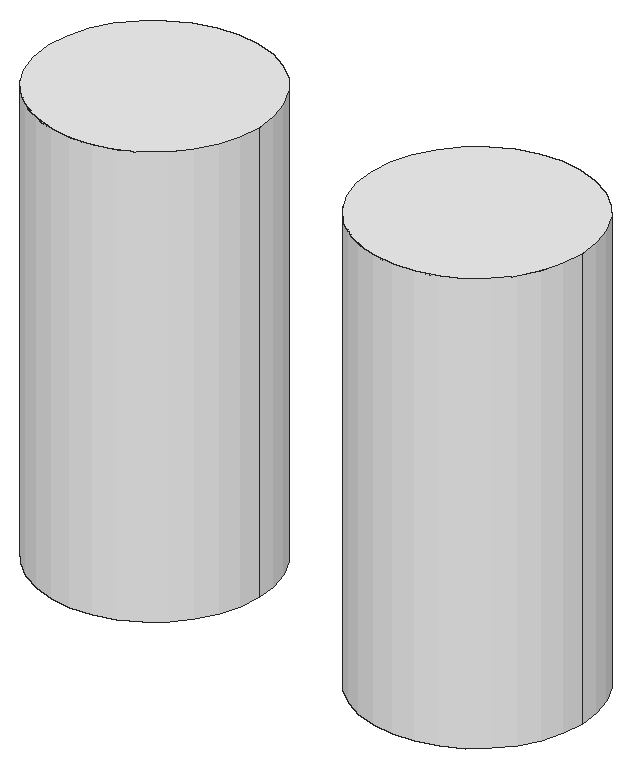
Revit family "565322030037(2020)", category Plumbing Fixtures, Revit 2020
Family settings
  Round Connector Dimension = Use Diameter
  Part Type = Normal
  OmniClass Number = 23.45.55.00
  OmniClass Title = Sanitary Faucets, Wastes
  Work Plane-Based = No
  Always vertical = Yes
  Cut with Voids When Loaded = No
  Shared = No
  Room Calculation Point = No
Parameters (values of type "565322030037 Kitchen faucet")
  Working Pressure = "50 - 1000 kPa"
  WarrantyStartDate [instance] = "n/a"
  WarrantyGuarantorParts = "n/a"
  WarrantyGuarantorLabor = "n/a"
  WarrantyDurationUnit = "Year"
  WarrantyDurationParts = "n/a"
  WarrantyDurationLabor = "n/a"
  WarrantyDescription = "http://warranty.hansa.com"
  Warranty Information URL = "http://warranty.hansa.com"
  VersionDate = "01/06/2023"
  Version = "1"
  ValvePattern = "n/a"
  ValveOperation = "n/a"
  ValveMechanism = "n/a"
  Uniclass2015Reference = "Pr_40_20_87_96"
  Uniclass2015Description = "Washbasin manual water supply sets"
  Uniclass2 = "Pr_40_30_96_96"
  URL REACH = "http://static.hansa.com/doc/reach"
  URL Materials Declaration = "http://www.hansa.com/fileadmin/resources/181997_565322030037_materialsdeclaration.pdf"
  URL Global Mark = "http://static.hansa.com/Globalmark/565322030037"
  URL Environmental Product Declaration EPD = "http://www.hansa.com/fileadmin/resources/184519_EPD_Kitchen faucet.pdf"
  URL EcoLabel Declaration = "http://static.hansa.com/doc/EcoLabel"
  URL EU Packaging Declaration = "http://static.hansa.com/doc/packaging"
  URL Declaration of SCIP = "http://static.hansa.com/doc/SCIP"
  URL Declaration of Conformity = "http://static.hansa.com/DoC/565322030037"
  URL Declaration of Asbestos = "http://static.hansa.com/doc/asbestos"
  URL Declaration Of Performance (DOP) = "http://static.hansa.com/doc/DoP"
  URL = ""
  UNSPSC Class Number = "30181700 Faucets or taps"
  TestPressure = "n/a"
  Temperature Adjustments = "Limitation option for maximum temperature and flow-rate ;Adjustable hot water stop (included, retrofittable)"
  Technical DataSheet URL = "http://www.hansa.com/datasheet/565322030037/en"
  TagNumber [instance] = "n/a"
  SustainabilityPerformance = "n/a"
  Surface treatment = "Chrome"
  Spout Type = "Swivel spout;Swivel range limiting option"
  Spout Swivel Range = "120°"
  Spout Projection = "215 mm"
  Spare-Part Information URL = "http://static.hansa.com/sp/565322030037"
  Size = "50x255x170 mm"
  Shape = "Sculptured"
  SerialNumber [instance] = "n/a"
  Sales Package dimensions (LxWxH) = "362 x 278 x 63"
  Revision = "n/a"
  ReplacementCost = "n/a"
  ProductInformation = "n/a"
  Product URL = "http://static.hansa.com/565322030037"
  Product Image URL = "http://static.hansa.com/image/565322030037"
  Product Family = "HANSAPALENO "
  Product Code = "565322030037"
  OperatingMechanismMaterial = "n/a"
  NominalWidth = 51 mm
  NominalHeight = 169 mm
  NominalDepth = 255 mm
  Noise Class = "I(ISO3822)"
  Name_en = "565322030037 Kitchen faucet"
  Name = "565322030037 Kitchen faucet"
  NBSReference = "45-35-70/371"
  NBSDescription = "Water supply fittings for wash basins and troughs"
  Mounting Holes = "1 hole"
  ModelReference = "565322030037"
  ModelNumber = "n/a"
  Model = "565322030037 Kitchen faucet"
  Mobile Product Information URL = "http://mpi.hansa.com/565322030037"
  Mechanical Parts = "ø 35 mm ceramic cartridge for flow and temperature control"
  Max. Hot Water Supply = 70 °C
  Material = "Brass"
  Market = "International;Australia"
  ManufacturerURL = "http://www.hansa.com"
  ManufacturerName = "HANSA"
  Manufacturer = "HANSA"
  Lever Handle = "Hot/Cold symbols;Single operating lever/handle"
  Interactive AR View URL = "https://static.hansa.com/AR/565322030037"
  InstallationDate [instance] = "n/a"
  Installation and Maintenance Guide URL = "http://static.hansa.com/manual/565322030037"
  Installation Type = "Deck mounted"
  InletConnectionSize = 15 mm
  IfcExportType = "FAUCET"  # constant formula
  IfcExportAs = "IfcValveType"  # constant formula
  Group = "Kitchen faucet"
  Grade = "n/a"
  FlowCoefficient = 0
  Flow Rate At 300kPa With Flow Controller = 0.12 L/s
  Flow Drawing URL = "http://static.hansa.com/flowchart/565322030037"
  Finish = "Polished"
  Features = "Single-lever"
  FaucetMainMaterial = Brass
  FDV Document URL = "http://www.hansa.com/datasheet/565322030037/en/fdv"
  ExpectedLife = "n/a"
  ETIM Class Number = "EC011431 Kitchen mixing tap"
  EN Standard = "EN 817"
  EAN Number = "4057304012310"
  DurationUnit = "Year"
  Dimension Drawing URL = "http://static.hansa.com/dimdrw/565322030037"
  Description = ""
  DefaultElevation [instance] = 900 mm
  Default Elevation = 0 mm
  Constituents = "n/a"
  Connection Size = "G1/2"
  Connection = "Flexible inlet pipes"
  Color = "Chrome"
  CodePerformance = "n/a"
  CloseOffRating = 0
  Certificate Global Mark = "GM-WM-040199-I02-R00"
  Category = "Kitchen"
  Catalog Drawing URL = "http://static.hansa.com/catdrw/565322030037"
  CO2 Emissions (D) = -5.98
  CO2 Emissions (C4) = 0.32
  CO2 Emissions (C3) = 0.02
  CO2 Emissions (C2) = 0.02
  CO2 Emissions (B7) = 2836.8
  CO2 Emissions (A4) = 0.21
  CO2 Emissions (A1-A3) = 10.57
  Brand = "HANSA"
  BodyMaterial = "Brass"
  Barcode [instance] = "n/a"
  Backflow Prevention EN1717 = "AA"
  BIMObjectName = "565322030037(2020)"
  Author = "BIMStone"
  AssetType = "Fixed"
  AssetIdentifier [instance] = "n/a"
  Aerator = "PCA® - constant flow rate regardless of pressure variations"
  Advanced Features = "3S-installation system for safe and simple mounting"
  AccessibilityPerformance = "n/a"
  3D View = "https://static.hansa.com/AR/565322030037"
  2D/3D/BIM Files URL = "http://static.hansa.com/bim/565322030037"
Reference planes
  plane 1 "Center (Front/Back)": y = 0
  plane 2: z = 0
  plane 3 "Center (Left/Right)": x = 0
  plane 4: x = -25.5
  plane 5: z = 1069
  plane 6: z = 900
  plane 7: z = 870
  plane 8: y = -255
  plane 9: x = 25.5
Forms (mm)
  Extrusion 1, solid, material "Brass" <- "FaucetMainMaterial"
    sketch origin (0, -3, 0) x (1, 0, 0) y (0, 1, 0)
      loop
        circle (-11.5, -22.5) r 7.5
      loop
        circle (11.5, -22.5) r 7.5
    from 870 to 900
Dimensions and locks
  "NominalHeight": plane 5 to plane 6
  "DefaultElevation": plane 6 to level
  locked: plane 6 to plane 7 at 30
  "NominalDepth": plane 8 to plane 1 "Center (Front/Back)"
  equal spacing: plane 4, plane 3 "Center (Left/Right)", plane 9
  "NominalWidth": plane 4 to plane 9
  "InletConnectionSize": diameter of Extrusion 1 sketch curve  (x2)
  aligned and locked: level to plane 2
  aligned and locked: plane 6 to Extrusion 1
  aligned and locked: Extrusion 1 to plane 7
  aligned and locked: nested 2 to plane 6
  aligned and locked: plane 1 "Center (Front/Back)" to nested 2
  aligned and locked: plane 5 to nested 2
Automatic sketch dimensions
  Extrusion 1 sketch curve to plane 3 "Center (Left/Right)" = 11.5 mm
  plane 3 "Center (Left/Right)" to Extrusion 1 sketch curve = 11.5 mm
  plane 1 "Center (Front/Back)" to Extrusion 1 sketch curve = 25.5 mm  (x2)
Nested families
  nested 1: "Symbol" at (0, 0, 0), type "Symbol", detail levels coarse
  nested 2: "565322030037_p" at (0, 0, 900), Material <- "FaucetMainMaterial", type "565322030037_p"
    with Material Brass
Connectors
  piping at (-11.5, -25.5, 870), diameter 15, driven by "InletConnectionSize"
    settings: on Extrusion 1, index 1, connector inside diameter 609.6 mm, connector length 0 mm, flow factor 0, pipe flow 0.1 L/s, pressure drop 0.0 Pa, fitting loss kfactor 0, connector angle 0.00°, fixture units 0, engagement length 0 mm, angle of deflection 0.00°, flow configuration 1, flow direction 1, fitting loss method 0, system type 19, joint type 0, gender type 0, connector reference index -1, connector utility 0, adjustable connector no, is connector primary yes, connector description ""
  piping at (11.5, -25.5, 870), diameter 15, driven by "InletConnectionSize"
    settings: on Extrusion 1, index 2, connector inside diameter 609.6 mm, connector length 0 mm, flow factor 0, pipe flow 0.1 L/s, pressure drop 0.0 Pa, fitting loss kfactor 0, connector angle 0.00°, fixture units 0, engagement length 0 mm, angle of deflection 0.00°, flow configuration 1, flow direction 1, fitting loss method 0, system type 20, joint type 0, gender type 0, connector reference index -1, connector utility 0, adjustable connector no, is connector primary no, connector description ""
Definition of nested family "Symbol"
  Reference planes
    plane 1: y = 0
    plane 2: x = 0
  Lines and regions (mm)
    detail lines
      curve 1: line (0, 0, 0) -> (0, -1.8, 0)
      curve 2: line (-0.4, -1.1, 0) -> (0.4, -1.1, 0)
      curve 3: line (-0.4, -1.4, 0) -> (0.4, -1.4, 0)
      curve 4: line (0.863, 0, 0) -> (-0.863, 0, 0)
      curve 5: circle (-1.163, 0, 0) r 0.3 normal (0, 0, -1)
      curve 6: circle (1.163, 0, 0) r 0.3 normal (0, 0, 1)
Definition of nested family "565322030037_p"
  Parameters (values of type "565322030037_p")
    Material [instance] = none
    Default Elevation = 0 mm
  Reference planes
    plane 1 "Center (Front/Back)": y = 0
    plane 2: z = 0
    plane 3 "Center (Left/Right)": x = 0
  Forms (mm)
    Extrusion 1, solid, material <- "Material", detail levels coarse
      sketch origin (0, 0, -900) x (1, 0, 0) y (0, 1, 0)
        loop
          line (25.5, 0) -> (-25.5, 0) -> (-25.5, -255) -> (25.5, -255) -> (25.5, 0)
      from 900 to 1069
    Revolve 2, solid, material <- "Material", detail levels medium
      sketch origin (0, 0, 0) x (0, 1, 0) y (0, 0, 1)
        loop
          line (-25.5, 0) -> (0, 0) -> (0, 47.5) -> (-0.993, 123.96) -> (-2.721, 123.96)
          arc (-2.721, 123.96) -> (-3.769, 130.056) -> (-6.504, 135.604) r 21.584
          line (-6.504, 135.604) -> (-1.647, 137.869) -> (-4.456, 178.05) -> (-25.5, 178.05) -> (-25.5, 0)
        axis (-25.5, 0) -> (-25.5, 178.05)
      angle from 0 to 360
    Extrusion 3, void
      sketch origin (0, 0, 0) x (0, 1, 0) y (0, 0, 1)
        loop
          line (0, 181.8) -> (-238.453, 181.8) -> (0, 158.561) -> (0, 181.8)
      from 50 to -50
    Extrusion 4, solid, material <- "Material", detail levels medium
      sketch origin (0, 0, 0) x (0, 1, 0) y (0, 0, 1)
        loop
          line (-24.353, 160.934) -> (-66.863, 165.077)
          arc (-66.863, 165.077) -> (-89.016, 167.114) -> (-111.19, 168.909) r 2034.905
          arc (-111.19, 168.909) -> (-112.016, 168.7) -> (-112.549, 168.037) r 1.341
          arc (-112.549, 168.037) -> (-113.714, 162.728) -> (-113.384, 157.304) r 19.706
          arc (-113.384, 157.304) -> (-112.981, 156.601) -> (-112.238, 156.282) r 1.279
          line (-112.238, 156.282) -> (-24.353, 148.893) -> (-24.353, 160.934)
      from -6.884 to 7
    Extrusion 5, solid, material <- "Material", detail levels medium
      sketch origin (0, 0, 0) x (0, 1, 0) y (0, 0, 1)
        loop
          line (-33.571, 84.532) -> (-135.431, 132.03)
          arc (-135.431, 132.03) -> (-162.315, 142.283) -> (-190.393, 148.572) r 200
          line (-190.393, 148.572) -> (-248.818, 157.304)
          arc (-248.818, 157.304) -> (-251.086, 156.882) -> (-252.314, 154.93) r 2.875
          line (-252.314, 154.93) -> (-255, 137.009) -> (-252.234, 136.594) -> (-228.497, 133.037) -> (-225.321, 132.561) -> (-225.171, 133.561) -> (-193.277, 128.781)
          arc (-193.277, 128.781) -> (-168.045, 123.121) -> (-143.883, 113.904) r 180
          line (-143.883, 113.904) -> (-33.929, 62.631) -> (-33.571, 84.532)
      from 15 to -15
    Revolve 6, solid, material <- "Material", detail levels medium
      sketch origin (0, 0, 0) x (0, 1, 0) y (0, 0, 1)
        loop
          line (-241.031, 130.375) -> (-229.163, 128.596) -> (-227.868, 137.236) -> (-239.736, 139.015) -> (-241.031, 130.375)
        axis (-239.736, 139.015) -> (-241.031, 130.375)
      angle from 0 to 360
  Cuts and joins
    Extrusion 3 cuts Revolve 2
    joined: Revolve 2, Extrusion 4, Extrusion 5, Revolve 6
  Lines and regions (mm)
    symbolic lines, detail levels medium+fine
      curve 1: line (0, 0, 0) -> (0, -51, 0)
      curve 2: line (0, -51, 0) -> (0, -51, 47.5)
      curve 3: line (0, -50.702, 70.453) -> (0, -143.883, 113.904)
      curve 4: arc (0, -143.883, 113.904) -> (0, -168.045, 123.121) -> (0, -193.277, 128.781) r 180
      curve 5: line (0, -193.277, 128.781) -> (0, -225.171, 133.561)
      curve 6: line (0, -229.163, 128.596) -> (0, -228.497, 133.037)
      curve 7: line (0, -252.234, 136.594) -> (0, -252.899, 132.154)
      curve 8: line (0, -252.899, 132.154) -> (0, -229.163, 128.596)
      curve 10: line (0, -225.321, 132.561) -> (0, -225.171, 133.561)
      curve 11: line (0, -252.234, 136.594) -> (0, -255, 137.009)
      curve 12: line (0, -255, 137.009) -> (0, -252.314, 154.93)
      curve 13: arc (0, -252.314, 154.93) -> (0, -251.086, 156.882) -> (0, -248.818, 157.304) r 2.875
      curve 14: line (0, -248.818, 157.304) -> (0, -190.393, 148.572)
      curve 15: arc (0, -190.393, 148.572) -> (0, -162.315, 142.283) -> (0, -135.431, 132.03) r 200
      curve 16: line (0, -135.431, 132.03) -> (0, -54.465, 94.275)
      curve 17: arc (0, -54.465, 94.275) -> (0, -52.475, 93.474) -> (0, -50.41, 92.892) r 19.937
      curve 18: line (0, -50.007, 123.96) -> (0, -50.41, 92.892)
      curve 19: line (0, -50.702, 70.453) -> (0, -51, 47.5)
      curve 20: line (0, 0, 0) -> (0, 0, 47.5)
      curve 21: line (0, -0.993, 123.96) -> (0, 0, 47.5)
      curve 23: line (0, -228.497, 133.037) -> (0, -225.321, 132.561)
      curve 24: line (0, -0.993, 123.96) -> (0, -2.721, 123.96)
      curve 25: line (0, -49.846, 126.8) -> (0, -48.006, 126.8)
      curve 27: line (0, -48.304, 123.96) -> (0, -48.006, 126.8)
      curve 28: arc (0, -6.504, 135.604) -> (0, -3.769, 130.056) -> (0, -2.721, 123.96) r 21.584
      curve 29: line (0, -6.504, 135.604) -> (0, -1.968, 137.719)
      curve 31: line (0, -48.304, 123.96) -> (0, -50.007, 123.96)
      curve 33: line (25.5, 0, 0) -> (-25.5, 0, 0)
      curve 34: line (-25.5, 0, 0) -> (-25.5, 0, 47.56)
      curve 35: line (-25.5, 0, 47.56) -> (-24.495, 0, 123.96)
      curve 36: line (-24.362, 0, 126.797) -> (-22.506, 0, 126.797)
      curve 37: line (-24.495, 0, 123.96) -> (-22.754, 0, 123.96)
      curve 38: line (-24.362, 0, 126.797) -> (-24.362, 0, 159.425)
      curve 39: line (-22.506, 0, 126.797) -> (-22.754, 0, 123.96)
      curve 43: line (25.5, 0, 47.56) -> (24.495, 0, 123.96)
      curve 44: line (24.362, 0, 126.797) -> (22.506, 0, 126.797)
      curve 45: line (24.495, 0, 123.96) -> (22.754, 0, 123.96)
      curve 46: line (22.506, 0, 126.797) -> (22.754, 0, 123.96)
      curve 59: line (-15, -239.534, 0) -> (-15, -59.645, 0)
      curve 60: line (15, -239.534, 0) -> (15, -59.645, 0)
      curve 61: spline (-15, -239.534, 0) -> (-14.489, -243.537, 0) -> (-12.99, -247.267, 0) -> (-10.607, -250.47, 0) -> (-7.5, -252.928, 0) -> (-3.882, -254.473, 0) -> (0, -255, 0) -> (3.882, -254.473, 0) -> (7.5, -252.928, 0) -> (10.607, -250.47, 0) -> (12.99, -247.267, 0) -> (14.489, -243.537, 0) -> (15, -239.534, 0)
      curve 63: line (-15, -59.645, 0) -> (-15.824, -46.935, 0)
      curve 64: line (15, -59.645, 0) -> (15.824, -46.935, 0)
      curve 66: arc (20.377, -40.847, 0) -> (-0.397, -0.021, 0) -> (-19.855, -41.49, 0) r 25.494
      curve 72: line (25.5, 0, 0) -> (25.5, 0, 47.56)
      curve 73: arc (0, -1.968, 137.719) -> (0, -2.673, 147.695) -> (0, -3.725, 157.641) r 286.926
      curve 74: arc (0, -3.725, 157.641) -> (0, -4.361, 158.844) -> (0, -5.635, 159.321) r 1.914
      curve 75: arc (0, -5.635, 159.321) -> (0, -7.676, 159.362) -> (0, -9.712, 159.508) r 39.722
      curve 76: line (0, -9.712, 159.508) -> (0, -66.863, 165.077)
      curve 77: arc (0, -66.863, 165.077) -> (0, -89.016, 167.114) -> (0, -111.19, 168.909) r 2034.905
      curve 78: arc (0, -111.19, 168.909) -> (0, -112.016, 168.7) -> (0, -112.549, 168.037) r 1.341
      curve 79: arc (0, -112.549, 168.037) -> (0, -113.714, 162.728) -> (0, -113.384, 157.304) r 19.706
      curve 80: arc (0, -113.384, 157.304) -> (0, -112.981, 156.601) -> (0, -112.238, 156.282) r 1.279
      curve 81: line (0, -58.165, 151.736) -> (0, -112.238, 156.282)
      curve 82: arc (0, -58.165, 151.736) -> (0, -53.266, 149.408) -> (0, -51.115, 144.429) r 7.704
      curve 83: line (0, -51.115, 144.429) -> (0, -49.846, 126.8)
      curve 84: arc (-19.855, -41.49, 0) -> (-17.785, -44.172, 0) -> (-15.824, -46.935, 0) r 84.427
      curve 85: arc (20.377, -40.847, 0) -> (18.032, -43.84, 0) -> (15.824, -46.935, 0) r 84.427
      curve 96: arc (-24.362, 0, 159.425) -> (-23.949, 0, 160.642) -> (-22.882, 0, 161.356) r 1.999
      curve 97: arc (-22.882, 0, 161.356) -> (-15.145, 0, 163.149) -> (-7.302, 0, 164.402) r 114.564
      curve 98: arc (-6.706, 0, 167.144) -> (-7.042, 0, 165.781) -> (-7.302, 0, 164.402) r 25.706
      curve 99: arc (-6.706, 0, 167.144) -> (-6.123, 0, 168.093) -> (-5.123, 0, 168.583) r 2
      curve 104: line (24.362, 0, 126.797) -> (24.362, 0, 159.425)
      curve 105: arc (22.882, 0, 161.356) -> (15.145, 0, 163.149) -> (7.302, 0, 164.402) r 114.564
      curve 106: arc (6.706, 0, 167.144) -> (7.042, 0, 165.781) -> (7.302, 0, 164.402) r 25.706
      curve 107: arc (6.706, 0, 167.144) -> (6.123, 0, 168.093) -> (5.123, 0, 168.583) r 2
      curve 112: arc (-5.123, 0, 168.583) -> (0, 0, 169.029) -> (5.123, 0, 168.583) r 29.678
      curve 115: arc (24.362, 0, 159.425) -> (23.949, 0, 160.642) -> (22.882, 0, 161.356) r 1.999
    symbolic lines, detail levels fine
      curve 9: line (0, -252.234, 136.594) -> (0, -228.497, 133.037)
      curve 22: line (0, 0, 47.5) -> (0, -51, 47.5)
      curve 26: line (0, -25.383, 126.8) -> (0, -6.504, 135.604)
      curve 30: line (0, -48.006, 126.8) -> (0, -25.383, 126.8)
      curve 32: line (0, -2.721, 123.96) -> (0, -48.304, 123.96)
      curve 40: line (-15, 0, 70.474) -> (-15, 0, 154.085)
      curve 41: line (-22.506, 0, 126.797) -> (-15, 0, 126.797)
      curve 42: line (-22.754, 0, 123.96) -> (-15, 0, 123.96)
      curve 47: line (22.506, 0, 126.797) -> (15, 0, 126.797)
      curve 48: line (22.754, 0, 123.96) -> (15, 0, 123.96)
      curve 49: line (-25.5, 0, 47.56) -> (25.5, 0, 47.56)
      curve 50: spline (-15, 0, 154.085) -> (-14.489, 0, 154.949) -> (-12.99, 0, 155.755) -> (-10.607, 0, 156.447) -> (-7.5, 0, 156.978) -> (-3.882, 0, 157.312) -> (0, 0, 157.426) -> (3.882, 0, 157.312) -> (7.5, 0, 156.978) -> (10.607, 0, 156.447) -> (12.99, 0, 155.755) -> (14.489, 0, 154.949) -> (15, 0, 154.085)
      curve 51: arc (-13.012, 0, 68.978) -> (-14.379, 0, 69.231) -> (-15, 0, 70.474) r 1.557
      curve 52: arc (13.012, 0, 68.978) -> (14.379, 0, 69.231) -> (15, 0, 70.474) r 1.557
      curve 53: arc (-13.012, 0, 68.978) -> (0, 0, 70.816) -> (13.012, 0, 68.978) r 47.003
      curve 54: spline (11.961, 0, 130.3) -> (11.554, 0, 129.845) -> (10.359, 0, 129.421) -> (8.458, 0, 129.058) -> (5.981, 0, 128.778) -> (3.096, 0, 128.603) -> (0, 0, 128.543) -> (-3.096, 0, 128.603) -> (-5.981, 0, 128.778) -> (-8.458, 0, 129.058) -> (-10.359, 0, 129.421) -> (-11.554, 0, 129.845) -> (-11.961, 0, 130.3) -> (-11.554, 0, 130.754) -> (-10.359, 0, 131.178) -> (-8.458, 0, 131.542) -> (-5.981, 0, 131.821) -> (-3.096, 0, 131.997) -> (0, 0, 132.056) -> (3.096, 0, 131.997) -> (5.981, 0, 131.821) -> (8.458, 0, 131.542) -> (10.359, 0, 131.178) -> (11.554, 0, 130.754) -> (11.961, 0, 130.3)
      curve 55: spline (-11.961, 0, 134.779) -> (-11.554, 0, 135.234) -> (-10.359, 0, 135.658) -> (-8.458, 0, 136.021) -> (-5.981, 0, 136.301) -> (-3.096, 0, 136.476) -> (0, 0, 136.536) -> (3.096, 0, 136.476) -> (5.981, 0, 136.301) -> (8.458, 0, 136.021) -> (10.359, 0, 135.658) -> (11.554, 0, 135.234) -> (11.961, 0, 134.779)
      curve 56: line (-11.961, 0, 130.3) -> (-11.961, 0, 134.779)
      curve 57: line (11.961, 0, 134.779) -> (11.961, 0, 130.3)
      curve 58: spline (11.961, 0, 133.769) -> (14.424, 0, 134.526) -> (14.937, 0, 135.369) -> (13.431, 0, 136.183) -> (10.109, 0, 136.859) -> (5.421, 0, 137.304) -> (0, 0, 137.46) -> (-5.421, 0, 137.304) -> (-10.109, 0, 136.859) -> (-13.431, 0, 136.183) -> (-14.937, 0, 135.369) -> (-14.424, 0, 134.526) -> (-11.961, 0, 133.769)
      curve 62: spline (-15, -239.534, 0) -> (-14.489, -242.782, 0) -> (-12.99, -245.808, 0) -> (-10.607, -248.407, 0) -> (-7.5, -250.401, 0) -> (-3.882, -251.655, 0) -> (0, -252.082, 0) -> (3.882, -251.655, 0) -> (7.5, -250.401, 0) -> (10.607, -248.407, 0) -> (12.99, -245.808, 0) -> (14.489, -242.782, 0) -> (15, -239.534, 0)
      curve 65: line (15, 0, 70.474) -> (15, 0, 154.085)
      curve 67: line (0, -50.41, 92.892) -> (0, -47.092, 92.003)
      curve 68: line (0, -45.434, 90.064) -> (0, -45.434, 70.064)
      curve 69: line (0, -50.702, 70.453) -> (0, -46.792, 68.63)
      curve 70: arc (0, -45.434, 70.064) -> (0, -45.827, 69.076) -> (0, -46.792, 68.63) r 1.436
      curve 71: arc (0, -47.092, 92.003) -> (0, -45.905, 91.34) -> (0, -45.434, 90.064) r 1.963
      curve 86: arc (-15.824, -46.935, 0) -> (-13.337, -50.642, 0) -> (-10.897, -54.379, 0) r 361.34
      curve 87: line (-6.832, -111.128, 0) -> (-7.6, -67.128, 0)
      curve 88: arc (-7.6, -67.128, 0) -> (-8.494, -60.559, 0) -> (-10.897, -54.379, 0) r 28.215
      curve 89: arc (15.824, -46.935, 0) -> (13.337, -50.642, 0) -> (10.897, -54.379, 0) r 361.34
      curve 90: line (6.834, -111.047, 0) -> (7.6, -67.128, 0)
      curve 91: arc (7.6, -67.128, 0) -> (8.494, -60.559, 0) -> (10.897, -54.379, 0) r 28.215
      curve 92: arc (-5.305, -113.036, 0) -> (0.022, -113.653, 0) -> (5.339, -112.948, 0) r 21.772
      curve 93: arc (-5.305, -113.036, 0) -> (-6.394, -112.343, 0) -> (-6.832, -111.128, 0) r 2
      curve 94: arc (5.339, -112.948, 0) -> (6.406, -112.249, 0) -> (6.834, -111.047, 0) r 2
      curve 95: arc (-19.855, -41.49, 0) -> (-0.358, -2.435, 0) -> (20.377, -40.847, 0) r 24.594
      curve 100: line (-15, 0, 146.797) -> (-17.006, 0, 146.797)
      curve 101: line (-21.056, 0, 160.238) -> (-21.056, 0, 150.847)
      curve 102: arc (-21.056, 0, 150.847) -> (-19.87, 0, 147.983) -> (-17.006, 0, 146.797) r 4.049
      curve 103: arc (-20.406, 0, 161.991) -> (-20.888, 0, 161.173) -> (-21.056, 0, 160.238) r 2.69
      curve 108: line (15, 0, 146.797) -> (17.006, 0, 146.797)
      curve 109: line (21.056, 0, 160.238) -> (21.056, 0, 150.847)
      curve 110: arc (21.056, 0, 150.847) -> (19.87, 0, 147.983) -> (17.006, 0, 146.797) r 4.049
      curve 111: arc (20.406, 0, 161.991) -> (20.888, 0, 161.173) -> (21.056, 0, 160.238) r 2.69
      curve 113: arc (-7.302, 0, 164.402) -> (-7.626, 0, 160.699) -> (-7.412, 0, 156.989) r 25.706
      curve 114: arc (7.302, 0, 164.402) -> (7.626, 0, 160.699) -> (7.412, 0, 156.989) r 25.706
  Dimensions and locks
    aligned and locked: level to plane 2
